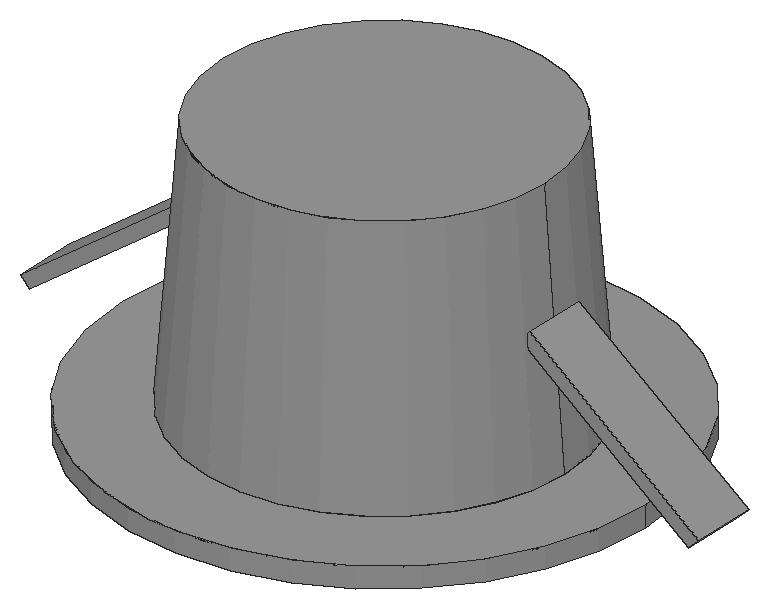
Revit family "MAGELLAN-DOWN_LIGHT_LED_14W_O130+connect_19_3000K", category Lighting Fixtures, host Ceiling, Revit 2021
Family settings
  Host = Ceiling
  Round Connector Dimension = Use Diameter
  Part Type = Normal
  OmniClass Number = 23.80.70.11
  OmniClass Title = Luminaries for Internal Lighting
  Always vertical = Yes
  Cut with Voids When Loaded = No
  Light Source = Yes
  Shared = No
  Room Calculation Point = No
Parameters (values of type "Type 1")
  Wattage = 8.41513 W
  built-in parameter 1150110 = 1 (stored number, unit not read)
  URL = "https://www.lucera.fr/"
  built-in parameter 1114217 = 1 (stored number, unit not read)
  Tilt Angle = 90.00°
  built-in parameter 1150109 = 1 (stored number, unit not read)
  built-in parameter 1150134 = (empty or 0)
  built-in parameter 1150113 = 1 (stored number, unit not read)
  SDCM = "3"
  Puissance nominale = "14W"
  Photometric Web File = "google_eulumdat_converter.ies"
  Matériau = "Aluminium + PC réflecteur finition chrome"
  Manufacturer = "Lucera - Lucera (c) 06/01/2021 16:39:53 +01:00"  # constant formula
  Maintien du flux = "L80B10 (50 000 heures)"
  Lumens = 1250 lm
  built-in parameter 1150115 = 1 (stored number, unit not read)
  built-in parameter 1150105 = 99.472 (stored number, unit not read)
  built-in parameter 1150137 = (empty or 0)
  built-in parameter 1150139 = (empty or 0)
  built-in parameter 1150112 = 1 (stored number, unit not read)
  built-in parameter 1150114 = 1 (stored number, unit not read)
  Lamp = "LED Hongli 2835"
  built-in parameter 1150132 = 2
  built-in parameter 1150102 = (empty or 0)
  built-in parameter 1150138 = (empty or 0)
  built-in parameter 1150107 = 3000 (stored number, unit not read)
  built-in parameter 1150106 = 0.99472 (stored number, unit not read)
  IRC = ">90"
  built-in parameter 1150104 = 13.8 (stored number, unit not read)
  Durée de vie = "50 000 heures"
  Driver = "Driver Lifud TUV CE CCC"
  Dimming Lamp Color Temperature Shift = <None>
  Dimensions = "Ø 130 mm, H = 68 mm"
  Dimension découpe = "Ø 115 mm"
  Default Elevation = 0 mm
  Couleur = "Blanc"
  Color Filter = 16777215
  built-in parameter 1114218 = 1 (stored number, unit not read)
  built-in parameter 1150133 = 10 (stored number, unit not read)
  Angle d'éclairage = "80°"
  Alimentation luminaire = "25-42V dc / 350mA"
  Alimentation Driver = "AC 220-240V"
Reference planes
  plane 1 "Light Source Axis (F/B)": y = 0
  plane 2: z = 0
  plane 3 "Light Source Axis (L/R)": x = 0
  plane 4 "Ceiling": z = 4000
  plane 5 "Light Source Elevation": z = 3988.263
Forms (mm)
  Extrusion 1, solid, material "Aluminum"
    sketch origin (0, 0, 4000) x (0, 1, 0) y (-1, 0, 0)
      loop
        circle (0, 0) r 65
      loop
        circle (0, 0) r 45
    from -5 to 0
  Extrusion 2, solid, material "Glass, White, High Luminance"
    sketch origin (0, 0, 4000) x (0, 1, 0) y (-1, 0, 0)
      loop
        circle (0, 0) r 45
    from -5 to 0
  Blend 3, solid, material "Aluminum, gris"
    base sketch origin (0, 0, 4000) x (0, 1, 0) y (-1, 0, 0)
      loop
        circle (0, 0) r 45
    top sketch origin (0, 0, 4000) x (0, 1, 0) y (-1, 0, 0)
      loop
        circle (0, 0) r 40
    from 0 to 63
  Extrusion 4, solid, material "Aluminum"
    sketch origin (0, 0, 0) x (-1, 0, 0) y (0, 0, -1)
      loop
        line (39.964, -4031.745) -> (42.369, -4034.15) -> (84.496, -4002.406) -> (82.091, -4000) -> (39.964, -4031.745)
    from -7.667 to 7.808
  Extrusion 5, solid, material "Aluminum"
    sketch origin (0, 0, 0) x (1, 0, 0) y (0, 0, 1)
      loop
        line (39.964, 4031.745) -> (82.091, 4000) -> (84.496, 4002.406) -> (42.369, 4034.15) -> (39.964, 4031.745)
    from -7.667 to 7.808
Lines and regions (mm)
  reference lines
    curve 1: line (0, 0, 4000) -> (65, 0, 4000)
    curve 2: line (0, 0, 3995) -> (0, 0, 4063)
Dimensions and locks
  equal spacing: host sketch curve, plane 3 "Light Source Axis (L/R)", host sketch curve
  equal spacing: host sketch curve, plane 1 "Light Source Axis (F/B)", host sketch curve
  host sketch curve to host sketch curve = 4000 mm  (x2)
  plane 4 "Ceiling" to host ceiling = 0 mm
  aligned and locked: plane 1 "Light Source Axis (F/B)" to imposter light
  aligned and locked: plane 5 "Light Source Elevation" to imposter light
